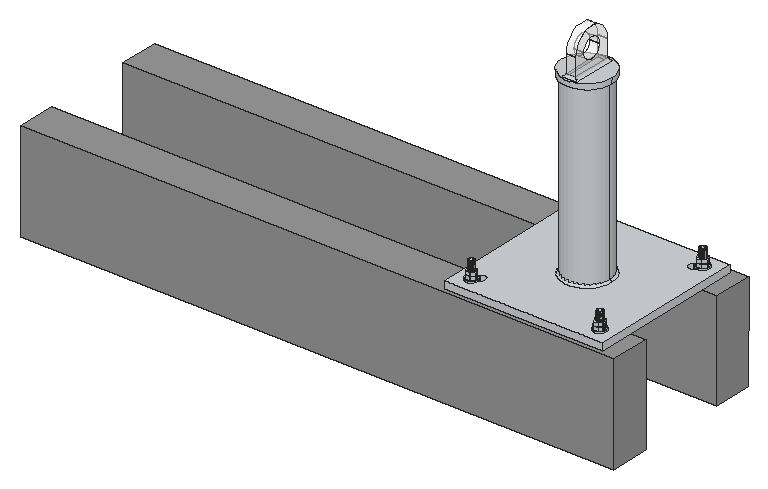
Revit family "Exterior-Building-Maintenance_Anchor-Through-Bolt_Lynn-Safety", category Generic Models, host Face, Revit 2026 (continued)
Forms (in)
  Revolve 21, solid
    sketch origin (12.9961089, -6.5, 0) x (1, 0, 0) y (0, 0, -1)
      loop
        line (-6.2480544, 2.980996) -> (-6.2119926, 3.0018162) -> (-6.2480544, 3.0226365) -> (-6.2480544, 2.980996)
      loop
        line (-6.2480544, 3.0564521) -> (-6.2119926, 3.0772723) -> (-6.2480544, 3.0980926) -> (-6.2480544, 3.0564521)
      loop
        line (-6.2480544, 3.132787) -> (-6.2119926, 3.1536073) -> (-6.2480544, 3.1744276) -> (-6.2480544, 3.132787)
      loop
        line (-6.2480544, 3.2130077) -> (-6.2119926, 3.233828) -> (-6.2480544, 3.2546483) -> (-6.2480544, 3.2130077)
      loop
        line (-6.2480544, 3.2868996) -> (-6.2119926, 3.3077199) -> (-6.2480544, 3.3285402) -> (-6.2480544, 3.2868996)
      loop
        line (-6.2480544, 3.3642169) -> (-6.2119926, 3.3850372) -> (-6.2480544, 3.4058574) -> (-6.2480544, 3.3642169)
      loop
        line (-6.2480544, 3.4420031) -> (-6.2119926, 3.4628234) -> (-6.2480544, 3.4836437) -> (-6.2480544, 3.4420031)
      loop
        line (-6.2480544, 3.5179447) -> (-6.2119926, 3.538765) -> (-6.2480544, 3.5595853) -> (-6.2480544, 3.5179447)
      loop
        line (-6.2480544, 3.5951398) -> (-6.2119926, 3.6159601) -> (-6.2480544, 3.6367804) -> (-6.2480544, 3.5951398)
      loop
        line (-6.2480544, 3.6705959) -> (-6.2119926, 3.6914162) -> (-6.2480544, 3.7122365) -> (-6.2480544, 3.6705959)
      loop
        line (-6.2480544, 3.7469308) -> (-6.2119926, 3.7677511) -> (-6.2480544, 3.7885714) -> (-6.2480544, 3.7469308)
      loop
        line (-6.2480544, 3.8271516) -> (-6.2119926, 3.8479719) -> (-6.2480544, 3.8687922) -> (-6.2480544, 3.8271516)
      loop
        line (-6.2480544, 3.9010435) -> (-6.2119926, 3.9218638) -> (-6.2480544, 3.9426841) -> (-6.2480544, 3.9010435)
      loop
        line (-6.2480544, 3.9783607) -> (-6.2119926, 3.999181) -> (-6.2480544, 4.0200013) -> (-6.2480544, 3.9783607)
      loop
        line (-6.2480544, 4.0561469) -> (-6.2119926, 4.0769672) -> (-6.2480544, 4.0977875) -> (-6.2480544, 4.0561469)
      loop
        line (-6.2480544, 4.1320886) -> (-6.2119926, 4.1529089) -> (-6.2480544, 4.1737292) -> (-6.2480544, 4.1320886)
      loop
        line (-6.2480544, 4.2092837) -> (-6.2119926, 4.230104) -> (-6.2480544, 4.2509243) -> (-6.2480544, 4.2092837)
      loop
        line (-6.2480544, 4.2847398) -> (-6.2119926, 4.3055601) -> (-6.2480544, 4.3263804) -> (-6.2480544, 4.2847398)
      loop
        line (-6.2480544, 4.3610747) -> (-6.2119926, 4.381895) -> (-6.2480544, 4.4027153) -> (-6.2480544, 4.3610747)
      loop
        line (-6.2480544, 4.4412955) -> (-6.2119926, 4.4621158) -> (-6.2480544, 4.482936) -> (-6.2480544, 4.4412955)
      loop
        line (-6.2480544, 4.5151873) -> (-6.2119926, 4.5360076) -> (-6.2480544, 4.5568279) -> (-6.2480544, 4.5151873)
      loop
        line (-6.2480544, 4.5925046) -> (-6.2119926, 4.6133249) -> (-6.2480544, 4.6341452) -> (-6.2480544, 4.5925046)
      loop
        line (-6.2480544, 4.6702908) -> (-6.2119926, 4.6911111) -> (-6.2480544, 4.7119314) -> (-6.2480544, 4.6702908)
      loop
        line (-6.2480544, 4.7462325) -> (-6.2119926, 4.7670528) -> (-6.2480544, 4.7878731) -> (-6.2480544, 4.7462325)
      loop
        line (-6.2480544, 4.8234275) -> (-6.2119926, 4.8442478) -> (-6.2480544, 4.8650681) -> (-6.2480544, 4.8234275)
      loop
        line (-6.2480544, 4.8988836) -> (-6.2119926, 4.9197039) -> (-6.2480544, 4.9405242) -> (-6.2480544, 4.8988836)
      loop
        line (-6.2480544, 4.9752185) -> (-6.2119926, 4.9960388) -> (-6.2480544, 5.0168591) -> (-6.2480544, 4.9752185)
      loop
        line (-6.2480544, 5.0554393) -> (-6.2119926, 5.0762596) -> (-6.2480544, 5.0970799) -> (-6.2480544, 5.0554393)
      loop
        line (-6.2480544, 5.1293312) -> (-6.2119926, 5.1501515) -> (-6.2480544, 5.1709718) -> (-6.2480544, 5.1293312)
      loop
        line (-6.2480544, 5.2066484) -> (-6.2119926, 5.2274687) -> (-6.2480544, 5.248289) -> (-6.2480544, 5.2066484)
      loop
        line (-6.2480544, 5.2844346) -> (-6.2119926, 5.3052549) -> (-6.2480544, 5.3260752) -> (-6.2480544, 5.2844346)
      loop
        line (-6.2480544, 5.3603763) -> (-6.2119926, 5.3811966) -> (-6.2480544, 5.4020169) -> (-6.2480544, 5.3603763)
      loop
        line (-6.2480544, 5.4375714) -> (-6.2119926, 5.4583917) -> (-6.2480544, 5.479212) -> (-6.2480544, 5.4375714)
      loop
        line (-6.2480544, 5.5130275) -> (-6.2119926, 5.5338478) -> (-6.2480544, 5.5546681) -> (-6.2480544, 5.5130275)
      loop
        line (-6.2480544, 5.5893624) -> (-6.2119926, 5.6101827) -> (-6.2480544, 5.631003) -> (-6.2480544, 5.5893624)
      loop
        line (-6.2480544, 5.6695832) -> (-6.2119926, 5.6904035) -> (-6.2480544, 5.7112238) -> (-6.2480544, 5.6695832)
      loop
        line (-6.2480544, 5.743475) -> (-6.2119926, 5.7642953) -> (-6.2480544, 5.7851156) -> (-6.2480544, 5.743475)
      loop
        line (-6.2480544, 5.8207923) -> (-6.2119926, 5.8416126) -> (-6.2480544, 5.8624329) -> (-6.2480544, 5.8207923)
      loop
        line (-6.2480544, 5.8985785) -> (-6.2119926, 5.9193988) -> (-6.2480544, 5.9402191) -> (-6.2480544, 5.8985785)
      loop
        line (-6.2480544, 5.9724704) -> (-6.2119926, 5.9932907) -> (-6.2480544, 6.014111) -> (-6.2480544, 5.9724704)
      loop
        line (-6.2480544, 6.0497876) -> (-6.2119926, 6.0706079) -> (-6.2480544, 6.0914282) -> (-6.2480544, 6.0497876)
      loop
        line (-6.2480544, 6.1275738) -> (-6.2119926, 6.1483941) -> (-6.2480544, 6.1692144) -> (-6.2480544, 6.1275738)
      loop
        line (-6.2480544, 6.2035155) -> (-6.2119926, 6.2243358) -> (-6.2480544, 6.2451561) -> (-6.2480544, 6.2035155)
      loop
        line (-6.2480544, 6.2807106) -> (-6.2119926, 6.3015309) -> (-6.2480544, 6.3223512) -> (-6.2480544, 6.2807106)
      loop
        line (-6.2480544, 6.3561667) -> (-6.2119926, 6.376987) -> (-6.2480544, 6.3978073) -> (-6.2480544, 6.3561667)
      loop
        line (-6.2480544, 6.4325016) -> (-6.2119926, 6.4533219) -> (-6.2480544, 6.4741422) -> (-6.2480544, 6.4325016)
      loop
        line (-6.2480544, 6.5127223) -> (-6.2119926, 6.5335426) -> (-6.2480544, 6.5543629) -> (-6.2480544, 6.5127223)
      loop
        line (-6.2480544, 6.5866142) -> (-6.2119926, 6.6074345) -> (-6.2480544, 6.6282548) -> (-6.2480544, 6.5866142)
      loop
        line (-6.2480544, 6.6639315) -> (-6.2119926, 6.6847518) -> (-6.2480544, 6.7055721) -> (-6.2480544, 6.6639315)
      loop
        line (-6.2480544, 6.7417177) -> (-6.2119926, 6.762538) -> (-6.2480544, 6.7833583) -> (-6.2480544, 6.7417177)
      loop
        line (-6.2480544, 6.8156095) -> (-6.2119926, 6.8364298) -> (-6.2480544, 6.8572501) -> (-6.2480544, 6.8156095)
      loop
        line (-6.2480544, 6.8929268) -> (-6.2119926, 6.9137471) -> (-6.2480544, 6.9345674) -> (-6.2480544, 6.8929268)
      loop
        line (-6.2480544, 6.970713) -> (-6.2119926, 6.9915333) -> (-6.2480544, 7.0123536) -> (-6.2480544, 6.970713)
      loop
        line (-6.2480544, 7.0466547) -> (-6.2119926, 7.067475) -> (-6.2480544, 7.0882953) -> (-6.2480544, 7.0466547)
      loop
        line (-6.2480544, 7.1238497) -> (-6.2119926, 7.14467) -> (-6.2480544, 7.1654903) -> (-6.2480544, 7.1238497)
      loop
        line (-6.2480544, 7.1993058) -> (-6.2119926, 7.2201261) -> (-6.2480544, 7.2409464) -> (-6.2480544, 7.1993058)
      loop
        line (-6.2480544, 7.2756407) -> (-6.2119926, 7.296461) -> (-6.2480544, 7.3172813) -> (-6.2480544, 7.2756407)
      loop
        line (-6.2480544, 7.3558615) -> (-6.2119926, 7.3766818) -> (-6.2480544, 7.3975021) -> (-6.2480544, 7.3558615)
      loop
        line (-6.2480544, 7.4297534) -> (-6.2119926, 7.4505737) -> (-6.2480544, 7.471394) -> (-6.2480544, 7.4297534)
      loop
        line (-6.2480544, 7.5070706) -> (-6.2119926, 7.5278909) -> (-6.2480544, 7.5487112) -> (-6.2480544, 7.5070706)
      loop
        line (-6.2480544, 7.5848568) -> (-6.2119926, 7.6056771) -> (-6.2480544, 7.6264974) -> (-6.2480544, 7.5848568)
      loop
        line (-6.2480544, 7.6587487) -> (-6.2119926, 7.679569) -> (-6.2480544, 7.7003893) -> (-6.2480544, 7.6587487)
      loop
        line (-6.2480544, 7.736066) -> (-6.2119926, 7.7568863) -> (-6.2480544, 7.7777065) -> (-6.2480544, 7.736066)
      loop
        line (-6.2480544, 7.8138522) -> (-6.2119926, 7.8346725) -> (-6.2480544, 7.8554928) -> (-6.2480544, 7.8138522)
      loop
        line (-6.2480544, 7.8897938) -> (-6.2119926, 7.9106141) -> (-6.2480544, 7.9314344) -> (-6.2480544, 7.8897938)
      loop
        line (-6.2480544, 7.9669889) -> (-6.2119926, 7.9878092) -> (-6.2480544, 8.0086295) -> (-6.2480544, 7.9669889)
      loop
        line (-6.2480544, 8.042445) -> (-6.2119926, 8.0632653) -> (-6.2480544, 8.0840856) -> (-6.2480544, 8.042445)
      loop
        line (-6.2480544, 8.1187799) -> (-6.2119926, 8.1396002) -> (-6.2480544, 8.1604205) -> (-6.2480544, 8.1187799)
      loop
        line (-6.2480544, 8.1990007) -> (-6.2119926, 8.219821) -> (-6.2480544, 8.2406413) -> (-6.2480544, 8.1990007)
      loop
        line (-6.2480544, 8.2728926) -> (-6.2119926, 8.2937129) -> (-6.2480544, 8.3145332) -> (-6.2480544, 8.2728926)
      loop
        line (-6.2480544, 8.3502098) -> (-6.2119926, 8.3710301) -> (-6.2480544, 8.3918504) -> (-6.2480544, 8.3502098)
      loop
        line (-6.2480544, 8.427996) -> (-6.2119926, 8.4488163) -> (-6.2480544, 8.4696366) -> (-6.2480544, 8.427996)
      loop
        line (-6.2480544, 8.5018879) -> (-6.2119926, 8.5227082) -> (-6.2480544, 8.5435285) -> (-6.2480544, 8.5018879)
      loop
        line (-6.2480544, 8.5792051) -> (-6.2119926, 8.6000254) -> (-6.2480544, 8.6208457) -> (-6.2480544, 8.5792051)
      loop
        line (-6.2480544, 8.6569913) -> (-6.2119926, 8.6778116) -> (-6.2480544, 8.6986319) -> (-6.2480544, 8.6569913)
      loop
        line (-6.2480544, 8.732933) -> (-6.2119926, 8.7537533) -> (-6.2480544, 8.7745736) -> (-6.2480544, 8.732933)
      loop
        line (-6.2480544, 8.8101281) -> (-6.2119926, 8.8309484) -> (-6.2480544, 8.8517687) -> (-6.2480544, 8.8101281)
      loop
        line (-6.2480544, 8.8855842) -> (-6.2119926, 8.9064045) -> (-6.2480544, 8.9272248) -> (-6.2480544, 8.8855842)
      loop
        line (-6.2480544, 8.9619191) -> (-6.2119926, 8.9827394) -> (-6.2480544, 9.0035597) -> (-6.2480544, 8.9619191)
      loop
        line (-6.2480544, 9.0421399) -> (-6.2119926, 9.0629602) -> (-6.2480544, 9.0837805) -> (-6.2480544, 9.0421399)
      loop
        line (-6.2480544, 9.1160317) -> (-6.2119926, 9.136852) -> (-6.2480544, 9.1576723) -> (-6.2480544, 9.1160317)
      loop
        line (-6.2480544, 9.193349) -> (-6.2119926, 9.2141693) -> (-6.2480544, 9.2349896) -> (-6.2480544, 9.193349)
      loop
        line (-6.2480544, 9.2711352) -> (-6.2119926, 9.2919555) -> (-6.2480544, 9.3127758) -> (-6.2480544, 9.2711352)
      loop
        line (-6.2480544, 9.3450271) -> (-6.2119926, 9.3658474) -> (-6.2480544, 9.3866677) -> (-6.2480544, 9.3450271)
      loop
        line (-6.2480544, 9.4223443) -> (-6.2119926, 9.4431646) -> (-6.2480544, 9.4639849) -> (-6.2480544, 9.4223443)
      loop
        line (-6.2480544, 9.5001305) -> (-6.2119926, 9.5209508) -> (-6.2480544, 9.5417711) -> (-6.2480544, 9.5001305)
      loop
        line (-6.2480544, 9.5760722) -> (-6.2119926, 9.5968925) -> (-6.2480544, 9.6177128) -> (-6.2480544, 9.5760722)
      loop
        line (-6.2480544, 9.6532673) -> (-6.2119926, 9.6740876) -> (-6.2480544, 9.6949079) -> (-6.2480544, 9.6532673)
      loop
        line (-6.2480544, 9.7287234) -> (-6.2119926, 9.7495437) -> (-6.2480544, 9.770364) -> (-6.2480544, 9.7287234)
      loop
        line (-6.2480544, 9.8050583) -> (-6.2119926, 9.8258786) -> (-6.2480544, 9.8466989) -> (-6.2480544, 9.8050583)
      loop
        line (-6.2480544, 9.885279) -> (-6.2119926, 9.9060993) -> (-6.2480544, 9.9269196) -> (-6.2480544, 9.885279)
      loop
        line (-6.2480544, 9.9591709) -> (-6.2119926, 9.9799912) -> (-6.2480544, 10.0008115) -> (-6.2480544, 9.9591709)
      loop
        line (-6.2480544, 10.0364882) -> (-6.2119926, 10.0573085) -> (-6.2480544, 10.0781288) -> (-6.2480544, 10.0364882)
      loop
        line (-6.2480544, 10.1142744) -> (-6.2119926, 10.1350947) -> (-6.2480544, 10.155915) -> (-6.2480544, 10.1142744)
      loop
        line (-6.2480544, 10.1881662) -> (-6.2119926, 10.2089865) -> (-6.2480544, 10.2298068) -> (-6.2480544, 10.1881662)
      loop
        line (-6.2480544, 10.2654835) -> (-6.2119926, 10.2863038) -> (-6.2480544, 10.3071241) -> (-6.2480544, 10.2654835)
      axis (-6.4980544, -2.4762495) -> (-6.4980544, 10.3071241)
    angle from 0 to 360
  Revolve 22, solid
    sketch origin (12.9961089, 6.5, 0) x (1, 0, 0) y (0, 0, -1)
      loop
        line (-6.2480544, -2.4762495) -> (-6.2119926, -2.4554292) -> (-6.2480544, -2.4346089) -> (-6.2480544, -2.4762495)
      loop
        line (-6.2480544, -2.3988575) -> (-6.2119926, -2.3780372) -> (-6.2480544, -2.3572169) -> (-6.2480544, -2.3988575)
      loop
        line (-6.2480544, -2.3220831) -> (-6.2119926, -2.3012628) -> (-6.2480544, -2.2804425) -> (-6.2480544, -2.3220831)
      loop
        line (-6.2480544, -2.2447999) -> (-6.2119926, -2.2239796) -> (-6.2480544, -2.2031593) -> (-6.2480544, -2.2447999)
      loop
        line (-6.2480544, -2.1673979) -> (-6.2119926, -2.1465776) -> (-6.2480544, -2.1257573) -> (-6.2480544, -2.1673979)
      loop
        line (-6.2480544, -2.091749) -> (-6.2119926, -2.0709287) -> (-6.2480544, -2.0501084) -> (-6.2480544, -2.091749)
      loop
        line (-6.2480544, -2.0132437) -> (-6.2119926, -1.9924234) -> (-6.2480544, -1.9716031) -> (-6.2480544, -2.0132437)
      loop
        line (-6.2480544, -1.9366959) -> (-6.2119926, -1.9158756) -> (-6.2480544, -1.8950553) -> (-6.2480544, -1.9366959)
      loop
        line (-6.2480544, -1.8600281) -> (-6.2119926, -1.8392078) -> (-6.2480544, -1.8183875) -> (-6.2480544, -1.8600281)
      loop
        line (-6.2480544, -1.7842915) -> (-6.2119926, -1.7634712) -> (-6.2480544, -1.742651) -> (-6.2480544, -1.7842915)
      loop
        line (-6.2480544, -1.7068519) -> (-6.2119926, -1.6860316) -> (-6.2480544, -1.6652113) -> (-6.2480544, -1.7068519)
      loop
        line (-6.2480544, -1.6297099) -> (-6.2119926, -1.6088896) -> (-6.2480544, -1.5880693) -> (-6.2480544, -1.6297099)
      loop
        line (-6.2480544, -0.0142672) -> (-6.2119926, 0.0065531) -> (-6.2480544, 0.0273734) -> (-6.2480544, -0.0142672)
      loop
        line (-6.2480544, 0.0620677) -> (-6.2119926, 0.082888) -> (-6.2480544, 0.1037083) -> (-6.2480544, 0.0620677)
      loop
        line (-6.2480544, 0.1422884) -> (-6.2119926, 0.1631087) -> (-6.2480544, 0.183929) -> (-6.2480544, 0.1422884)
      loop
        line (-6.2480544, 0.2161803) -> (-6.2119926, 0.2370006) -> (-6.2480544, 0.2578209) -> (-6.2480544, 0.2161803)
      loop
        line (-6.2480544, 0.2934976) -> (-6.2119926, 0.3143179) -> (-6.2480544, 0.3351382) -> (-6.2480544, 0.2934976)
      loop
        line (-6.2480544, 0.3712838) -> (-6.2119926, 0.3921041) -> (-6.2480544, 0.4129244) -> (-6.2480544, 0.3712838)
      loop
        line (-6.2480544, 0.4472255) -> (-6.2119926, 0.4680458) -> (-6.2480544, 0.4888661) -> (-6.2480544, 0.4472255)
      loop
        line (-6.2480544, 0.5244205) -> (-6.2119926, 0.5452408) -> (-6.2480544, 0.5660611) -> (-6.2480544, 0.5244205)
      loop
        line (-6.2480544, 0.5998766) -> (-6.2119926, 0.6206969) -> (-6.2480544, 0.6415172) -> (-6.2480544, 0.5998766)
      loop
        line (-6.2480544, 0.6762115) -> (-6.2119926, 0.6970318) -> (-6.2480544, 0.7178521) -> (-6.2480544, 0.6762115)
      loop
        line (-6.2480544, 0.7564323) -> (-6.2119926, 0.7772526) -> (-6.2480544, 0.7980729) -> (-6.2480544, 0.7564323)
      loop
        line (-6.2480544, 0.8303242) -> (-6.2119926, 0.8511445) -> (-6.2480544, 0.8719648) -> (-6.2480544, 0.8303242)
      loop
        line (-6.2480544, 0.9076414) -> (-6.2119926, 0.9284617) -> (-6.2480544, 0.949282) -> (-6.2480544, 0.9076414)
      loop
        line (-6.2480544, 0.9854276) -> (-6.2119926, 1.0062479) -> (-6.2480544, 1.0270682) -> (-6.2480544, 0.9854276)
      loop
        line (-6.2480544, 1.0613693) -> (-6.2119926, 1.0821896) -> (-6.2480544, 1.1030099) -> (-6.2480544, 1.0613693)
      loop
        line (-6.2480544, 1.1385644) -> (-6.2119926, 1.1593847) -> (-6.2480544, 1.180205) -> (-6.2480544, 1.1385644)
      loop
        line (-6.2480544, 1.2140205) -> (-6.2119926, 1.2348408) -> (-6.2480544, 1.2556611) -> (-6.2480544, 1.2140205)
      loop
        line (-6.2480544, 1.2903554) -> (-6.2119926, 1.3111757) -> (-6.2480544, 1.331996) -> (-6.2480544, 1.2903554)
      loop
        line (-6.2480544, 1.3705762) -> (-6.2119926, 1.3913965) -> (-6.2480544, 1.4122168) -> (-6.2480544, 1.3705762)
      loop
        line (-6.2480544, 1.444468) -> (-6.2119926, 1.4652883) -> (-6.2480544, 1.4861086) -> (-6.2480544, 1.444468)
      loop
        line (-6.2480544, 1.5217853) -> (-6.2119926, 1.5426056) -> (-6.2480544, 1.5634259) -> (-6.2480544, 1.5217853)
      loop
        line (-6.2480544, 1.5995715) -> (-6.2119926, 1.6203918) -> (-6.2480544, 1.6412121) -> (-6.2480544, 1.5995715)
      loop
        line (-6.2480544, 1.6755132) -> (-6.2119926, 1.6963335) -> (-6.2480544, 1.7171538) -> (-6.2480544, 1.6755132)
      loop
        line (-6.2480544, 1.7527082) -> (-6.2119926, 1.7735285) -> (-6.2480544, 1.7943488) -> (-6.2480544, 1.7527082)
      loop
        line (-6.2480544, 1.8281643) -> (-6.2119926, 1.8489846) -> (-6.2480544, 1.8698049) -> (-6.2480544, 1.8281643)
      loop
        line (-6.2480544, 1.9044992) -> (-6.2119926, 1.9253195) -> (-6.2480544, 1.9461398) -> (-6.2480544, 1.9044992)
      loop
        line (-6.2480544, 1.98472) -> (-6.2119926, 2.0055403) -> (-6.2480544, 2.0263606) -> (-6.2480544, 1.98472)
      loop
        line (-6.2480544, 2.0586119) -> (-6.2119926, 2.0794322) -> (-6.2480544, 2.1002525) -> (-6.2480544, 2.0586119)
      loop
        line (-6.2480544, 2.1359291) -> (-6.2119926, 2.1567494) -> (-6.2480544, 2.1775697) -> (-6.2480544, 2.1359291)
      loop
        line (-6.2480544, 2.2137153) -> (-6.2119926, 2.2345356) -> (-6.2480544, 2.2553559) -> (-6.2480544, 2.2137153)
      loop
        line (-6.2480544, 2.289657) -> (-6.2119926, 2.3104773) -> (-6.2480544, 2.3312976) -> (-6.2480544, 2.289657)
      loop
        line (-6.2480544, 2.3668521) -> (-6.2119926, 2.3876724) -> (-6.2480544, 2.4084927) -> (-6.2480544, 2.3668521)
      loop
        line (-6.2480544, 2.4423082) -> (-6.2119926, 2.4631285) -> (-6.2480544, 2.4839488) -> (-6.2480544, 2.4423082)
      loop
        line (-6.2480544, 2.5186431) -> (-6.2119926, 2.5394634) -> (-6.2480544, 2.5602837) -> (-6.2480544, 2.5186431)
      loop
        line (-6.2480544, 2.5988639) -> (-6.2119926, 2.6196842) -> (-6.2480544, 2.6405045) -> (-6.2480544, 2.5988639)
      loop
        line (-6.2480544, 2.6727558) -> (-6.2119926, 2.6935761) -> (-6.2480544, 2.7143964) -> (-6.2480544, 2.6727558)
      loop
        line (-6.2480544, 2.750073) -> (-6.2119926, 2.7708933) -> (-6.2480544, 2.7917136) -> (-6.2480544, 2.750073)
      loop
        line (-6.2480544, 2.8278592) -> (-6.2119926, 2.8486795) -> (-6.2480544, 2.8694998) -> (-6.2480544, 2.8278592)
      loop
        line (-6.2480544, 2.9038009) -> (-6.2119926, 2.9246212) -> (-6.2480544, 2.9454415) -> (-6.2480544, 2.9038009)
      loop
        line (-6.2480544, 2.980996) -> (-6.2119926, 3.0018162) -> (-6.2480544, 3.0226365) -> (-6.2480544, 2.980996)
      loop
        line (-6.2480544, 3.0564521) -> (-6.2119926, 3.0772723) -> (-6.2480544, 3.0980926) -> (-6.2480544, 3.0564521)
      loop
        line (-6.2480544, 3.132787) -> (-6.2119926, 3.1536073) -> (-6.2480544, 3.1744276) -> (-6.2480544, 3.132787)
      loop
        line (-6.2480544, 3.2130077) -> (-6.2119926, 3.233828) -> (-6.2480544, 3.2546483) -> (-6.2480544, 3.2130077)
      loop
        line (-6.2480544, 3.2868996) -> (-6.2119926, 3.3077199) -> (-6.2480544, 3.3285402) -> (-6.2480544, 3.2868996)
      loop
        line (-6.2480544, 3.3642169) -> (-6.2119926, 3.3850372) -> (-6.2480544, 3.4058574) -> (-6.2480544, 3.3642169)
      loop
        line (-6.2480544, 3.4420031) -> (-6.2119926, 3.4628234) -> (-6.2480544, 3.4836437) -> (-6.2480544, 3.4420031)
      loop
        line (-6.2480544, 3.5179447) -> (-6.2119926, 3.538765) -> (-6.2480544, 3.5595853) -> (-6.2480544, 3.5179447)
      loop
        line (-6.2480544, 3.5951398) -> (-6.2119926, 3.6159601) -> (-6.2480544, 3.6367804) -> (-6.2480544, 3.5951398)
      loop
        line (-6.2480544, 3.6705959) -> (-6.2119926, 3.6914162) -> (-6.2480544, 3.7122365) -> (-6.2480544, 3.6705959)
      loop
        line (-6.2480544, 3.7469308) -> (-6.2119926, 3.7677511) -> (-6.2480544, 3.7885714) -> (-6.2480544, 3.7469308)
      loop
        line (-6.2480544, 3.8271516) -> (-6.2119926, 3.8479719) -> (-6.2480544, 3.8687922) -> (-6.2480544, 3.8271516)
      loop
        line (-6.2480544, 3.9010435) -> (-6.2119926, 3.9218638) -> (-6.2480544, 3.9426841) -> (-6.2480544, 3.9010435)
      loop
        line (-6.2480544, 3.9783607) -> (-6.2119926, 3.999181) -> (-6.2480544, 4.0200013) -> (-6.2480544, 3.9783607)
      loop
        line (-6.2480544, 4.0561469) -> (-6.2119926, 4.0769672) -> (-6.2480544, 4.0977875) -> (-6.2480544, 4.0561469)
      loop
        line (-6.2480544, 4.1320886) -> (-6.2119926, 4.1529089) -> (-6.2480544, 4.1737292) -> (-6.2480544, 4.1320886)
      loop
        line (-6.2480544, 4.2092837) -> (-6.2119926, 4.230104) -> (-6.2480544, 4.2509243) -> (-6.2480544, 4.2092837)
      loop
        line (-6.2480544, 4.2847398) -> (-6.2119926, 4.3055601) -> (-6.2480544, 4.3263804) -> (-6.2480544, 4.2847398)
      loop
        line (-6.2480544, 4.3610747) -> (-6.2119926, 4.381895) -> (-6.2480544, 4.4027153) -> (-6.2480544, 4.3610747)
      loop
        line (-6.2480544, 4.4412955) -> (-6.2119926, 4.4621158) -> (-6.2480544, 4.482936) -> (-6.2480544, 4.4412955)
      loop
        line (-6.2480544, 4.5151873) -> (-6.2119926, 4.5360076) -> (-6.2480544, 4.5568279) -> (-6.2480544, 4.5151873)
      loop
        line (-6.2480544, 4.5925046) -> (-6.2119926, 4.6133249) -> (-6.2480544, 4.6341452) -> (-6.2480544, 4.5925046)
      loop
        line (-6.2480544, 4.6702908) -> (-6.2119926, 4.6911111) -> (-6.2480544, 4.7119314) -> (-6.2480544, 4.6702908)
      loop
        line (-6.2480544, 4.7462325) -> (-6.2119926, 4.7670528) -> (-6.2480544, 4.7878731) -> (-6.2480544, 4.7462325)
      loop
        line (-6.2480544, 4.8234275) -> (-6.2119926, 4.8442478) -> (-6.2480544, 4.8650681) -> (-6.2480544, 4.8234275)
      loop
        line (-6.2480544, 4.8988836) -> (-6.2119926, 4.9197039) -> (-6.2480544, 4.9405242) -> (-6.2480544, 4.8988836)
      loop
        line (-6.2480544, 4.9752185) -> (-6.2119926, 4.9960388) -> (-6.2480544, 5.0168591) -> (-6.2480544, 4.9752185)
      loop
        line (-6.2480544, 5.0554393) -> (-6.2119926, 5.0762596) -> (-6.2480544, 5.0970799) -> (-6.2480544, 5.0554393)
      loop
        line (-6.2480544, 5.1293312) -> (-6.2119926, 5.1501515) -> (-6.2480544, 5.1709718) -> (-6.2480544, 5.1293312)
      loop
        line (-6.2480544, 5.2066484) -> (-6.2119926, 5.2274687) -> (-6.2480544, 5.248289) -> (-6.2480544, 5.2066484)
      loop
        line (-6.2480544, 5.2844346) -> (-6.2119926, 5.3052549) -> (-6.2480544, 5.3260752) -> (-6.2480544, 5.2844346)
      loop
        line (-6.2480544, 5.3603763) -> (-6.2119926, 5.3811966) -> (-6.2480544, 5.4020169) -> (-6.2480544, 5.3603763)
      loop
        line (-6.2480544, 5.4375714) -> (-6.2119926, 5.4583917) -> (-6.2480544, 5.479212) -> (-6.2480544, 5.4375714)
      loop
        line (-6.2480544, 5.5130275) -> (-6.2119926, 5.5338478) -> (-6.2480544, 5.5546681) -> (-6.2480544, 5.5130275)
      loop
        line (-6.2480544, 5.5893624) -> (-6.2119926, 5.6101827) -> (-6.2480544, 5.631003) -> (-6.2480544, 5.5893624)
      loop
        line (-6.2480544, 5.6695832) -> (-6.2119926, 5.6904035) -> (-6.2480544, 5.7112238) -> (-6.2480544, 5.6695832)
      loop
        line (-6.2480544, 5.743475) -> (-6.2119926, 5.7642953) -> (-6.2480544, 5.7851156) -> (-6.2480544, 5.743475)
      loop
        line (-6.2480544, 5.8207923) -> (-6.2119926, 5.8416126) -> (-6.2480544, 5.8624329) -> (-6.2480544, 5.8207923)
      loop
        line (-6.2480544, 5.8985785) -> (-6.2119926, 5.9193988) -> (-6.2480544, 5.9402191) -> (-6.2480544, 5.8985785)
      loop
        line (-6.2480544, 5.9724704) -> (-6.2119926, 5.9932907) -> (-6.2480544, 6.014111) -> (-6.2480544, 5.9724704)
      loop
        line (-6.2480544, 6.0497876) -> (-6.2119926, 6.0706079) -> (-6.2480544, 6.0914282) -> (-6.2480544, 6.0497876)
      loop
        line (-6.2480544, 6.1275738) -> (-6.2119926, 6.1483941) -> (-6.2480544, 6.1692144) -> (-6.2480544, 6.1275738)
      loop
        line (-6.2480544, 6.2035155) -> (-6.2119926, 6.2243358) -> (-6.2480544, 6.2451561) -> (-6.2480544, 6.2035155)
      loop
        line (-6.2480544, 6.2807106) -> (-6.2119926, 6.3015309) -> (-6.2480544, 6.3223512) -> (-6.2480544, 6.2807106)
      loop
        line (-6.2480544, 6.3561667) -> (-6.2119926, 6.376987) -> (-6.2480544, 6.3978073) -> (-6.2480544, 6.3561667)
      loop
        line (-6.2480544, 6.4325016) -> (-6.2119926, 6.4533219) -> (-6.2480544, 6.4741422) -> (-6.2480544, 6.4325016)
      loop
        line (-6.2480544, 6.5127223) -> (-6.2119926, 6.5335426) -> (-6.2480544, 6.5543629) -> (-6.2480544, 6.5127223)
      loop
        line (-6.2480544, 6.5866142) -> (-6.2119926, 6.6074345) -> (-6.2480544, 6.6282548) -> (-6.2480544, 6.5866142)
      loop
        line (-6.2480544, 6.6639315) -> (-6.2119926, 6.6847518) -> (-6.2480544, 6.7055721) -> (-6.2480544, 6.6639315)
      loop
        line (-6.2480544, 6.7417177) -> (-6.2119926, 6.762538) -> (-6.2480544, 6.7833583) -> (-6.2480544, 6.7417177)
      loop
        line (-6.2480544, 6.8156095) -> (-6.2119926, 6.8364298) -> (-6.2480544, 6.8572501) -> (-6.2480544, 6.8156095)
      loop
        line (-6.2480544, 6.8929268) -> (-6.2119926, 6.9137471) -> (-6.2480544, 6.9345674) -> (-6.2480544, 6.8929268)
      loop
        line (-6.2480544, 6.970713) -> (-6.2119926, 6.9915333) -> (-6.2480544, 7.0123536) -> (-6.2480544, 6.970713)
      loop
        line (-6.2480544, 7.0466547) -> (-6.2119926, 7.067475) -> (-6.2480544, 7.0882953) -> (-6.2480544, 7.0466547)
      loop
        line (-6.2480544, 7.1238497) -> (-6.2119926, 7.14467) -> (-6.2480544, 7.1654903) -> (-6.2480544, 7.1238497)
      loop
        line (-6.2480544, 7.1993058) -> (-6.2119926, 7.2201261) -> (-6.2480544, 7.2409464) -> (-6.2480544, 7.1993058)
      loop
        line (-6.2480544, 7.2756407) -> (-6.2119926, 7.296461) -> (-6.2480544, 7.3172813) -> (-6.2480544, 7.2756407)
      loop
        line (-6.2480544, 7.3558615) -> (-6.2119926, 7.3766818) -> (-6.2480544, 7.3975021) -> (-6.2480544, 7.3558615)
      loop
        line (-6.2480544, 7.4297534) -> (-6.2119926, 7.4505737) -> (-6.2480544, 7.471394) -> (-6.2480544, 7.4297534)
      loop
        line (-6.2480544, 7.5070706) -> (-6.2119926, 7.5278909) -> (-6.2480544, 7.5487112) -> (-6.2480544, 7.5070706)
      loop
        line (-6.2480544, 7.5848568) -> (-6.2119926, 7.6056771) -> (-6.2480544, 7.6264974) -> (-6.2480544, 7.5848568)
      loop
        line (-6.2480544, 7.6587487) -> (-6.2119926, 7.679569) -> (-6.2480544, 7.7003893) -> (-6.2480544, 7.6587487)
      loop
        line (-6.2480544, 7.736066) -> (-6.2119926, 7.7568863) -> (-6.2480544, 7.7777065) -> (-6.2480544, 7.736066)
      loop
        line (-6.2480544, 7.8138522) -> (-6.2119926, 7.8346725) -> (-6.2480544, 7.8554928) -> (-6.2480544, 7.8138522)
      loop
        line (-6.2480544, 7.8897938) -> (-6.2119926, 7.9106141) -> (-6.2480544, 7.9314344) -> (-6.2480544, 7.8897938)
      loop
        line (-6.2480544, 7.9669889) -> (-6.2119926, 7.9878092) -> (-6.2480544, 8.0086295) -> (-6.2480544, 7.9669889)
      loop
        line (-6.2480544, 8.042445) -> (-6.2119926, 8.0632653) -> (-6.2480544, 8.0840856) -> (-6.2480544, 8.042445)
      loop
        line (-6.2480544, 8.1187799) -> (-6.2119926, 8.1396002) -> (-6.2480544, 8.1604205) -> (-6.2480544, 8.1187799)
      loop
        line (-6.2480544, 8.1990007) -> (-6.2119926, 8.219821) -> (-6.2480544, 8.2406413) -> (-6.2480544, 8.1990007)
      loop
        line (-6.2480544, 8.2728926) -> (-6.2119926, 8.2937129) -> (-6.2480544, 8.3145332) -> (-6.2480544, 8.2728926)
      loop
        line (-6.2480544, 8.3502098) -> (-6.2119926, 8.3710301) -> (-6.2480544, 8.3918504) -> (-6.2480544, 8.3502098)
      loop
        line (-6.2480544, 8.427996) -> (-6.2119926, 8.4488163) -> (-6.2480544, 8.4696366) -> (-6.2480544, 8.427996)
      loop
        line (-6.2480544, 8.5018879) -> (-6.2119926, 8.5227082) -> (-6.2480544, 8.5435285) -> (-6.2480544, 8.5018879)
      loop
        line (-6.2480544, 8.5792051) -> (-6.2119926, 8.6000254) -> (-6.2480544, 8.6208457) -> (-6.2480544, 8.5792051)
      loop
        line (-6.2480544, 8.6569913) -> (-6.2119926, 8.6778116) -> (-6.2480544, 8.6986319) -> (-6.2480544, 8.6569913)
      loop
        line (-6.2480544, 8.732933) -> (-6.2119926, 8.7537533) -> (-6.2480544, 8.7745736) -> (-6.2480544, 8.732933)
      loop
        line (-6.2480544, 8.8101281) -> (-6.2119926, 8.8309484) -> (-6.2480544, 8.8517687) -> (-6.2480544, 8.8101281)
      loop
        line (-6.2480544, 8.8855842) -> (-6.2119926, 8.9064045) -> (-6.2480544, 8.9272248) -> (-6.2480544, 8.8855842)
      loop
        line (-6.2480544, 8.9619191) -> (-6.2119926, 8.9827394) -> (-6.2480544, 9.0035597) -> (-6.2480544, 8.9619191)
      loop
        line (-6.2480544, 9.0421399) -> (-6.2119926, 9.0629602) -> (-6.2480544, 9.0837805) -> (-6.2480544, 9.0421399)
      loop
        line (-6.2480544, 9.1160317) -> (-6.2119926, 9.136852) -> (-6.2480544, 9.1576723) -> (-6.2480544, 9.1160317)
      loop
        line (-6.2480544, 9.193349) -> (-6.2119926, 9.2141693) -> (-6.2480544, 9.2349896) -> (-6.2480544, 9.193349)
      loop
        line (-6.2480544, 9.2711352) -> (-6.2119926, 9.2919555) -> (-6.2480544, 9.3127758) -> (-6.2480544, 9.2711352)
      loop
        line (-6.2480544, 9.3450271) -> (-6.2119926, 9.3658474) -> (-6.2480544, 9.3866677) -> (-6.2480544, 9.3450271)
      loop
        line (-6.2480544, 9.4223443) -> (-6.2119926, 9.4431646) -> (-6.2480544, 9.4639849) -> (-6.2480544, 9.4223443)
      loop
        line (-6.2480544, 9.5001305) -> (-6.2119926, 9.5209508) -> (-6.2480544, 9.5417711) -> (-6.2480544, 9.5001305)
      loop
        line (-6.2480544, 9.5760722) -> (-6.2119926, 9.5968925) -> (-6.2480544, 9.6177128) -> (-6.2480544, 9.5760722)
      loop
        line (-6.2480544, 9.6532673) -> (-6.2119926, 9.6740876) -> (-6.2480544, 9.6949079) -> (-6.2480544, 9.6532673)
      loop
        line (-6.2480544, 9.7287234) -> (-6.2119926, 9.7495437) -> (-6.2480544, 9.770364) -> (-6.2480544, 9.7287234)
      loop
        line (-6.2480544, 9.8050583) -> (-6.2119926, 9.8258786) -> (-6.2480544, 9.8466989) -> (-6.2480544, 9.8050583)
      loop
        line (-6.2480544, 9.885279) -> (-6.2119926, 9.9060993) -> (-6.2480544, 9.9269196) -> (-6.2480544, 9.885279)
      loop
        line (-6.2480544, 9.9591709) -> (-6.2119926, 9.9799912) -> (-6.2480544, 10.0008115) -> (-6.2480544, 9.9591709)
      loop
        line (-6.2480544, 10.0364882) -> (-6.2119926, 10.0573085) -> (-6.2480544, 10.0781288) -> (-6.2480544, 10.0364882)
      loop
        line (-6.2480544, 10.1142744) -> (-6.2119926, 10.1350947) -> (-6.2480544, 10.155915) -> (-6.2480544, 10.1142744)
      loop
        line (-6.2480544, 10.1881662) -> (-6.2119926, 10.2089865) -> (-6.2480544, 10.2298068) -> (-6.2480544, 10.1881662)
      loop
        line (-6.2480544, 10.2654835) -> (-6.2119926, 10.2863038) -> (-6.2480544, 10.3071241) -> (-6.2480544, 10.2654835)
      axis (-6.4980544, -2.4762495) -> (-6.4980544, 10.3071241)
    angle from 0 to 360
Cuts and joins
  Extrusion 18 cuts Extrusion 2
  Extrusion 18 cuts Extrusion 3
  Extrusion 18 cuts Extrusion 5
  Extrusion 18 cuts Extrusion 6
  Extrusion 18 cuts Extrusion 7
  Extrusion 18 cuts Extrusion 9
  Extrusion 18 cuts Extrusion 10
  Extrusion 18 cuts Extrusion 11
  Extrusion 18 cuts Extrusion 12
  Extrusion 18 cuts Extrusion 13
  Extrusion 18 cuts Extrusion 14
  Extrusion 18 cuts Extrusion 15
Lines and regions (in)
  sketch lines
    curve 1: line (0.5, -2, 19.25) -> (0.5, 2, 19.25)
    curve 2: line (0.5, 2, 19.25) -> (-0.5, 2, 19.25)
    curve 3: line (-0.5, 2, 19.25) -> (-0.5, -2, 19.25)
    curve 4: line (0.5, -2, 19.25) -> (-0.5, -2, 19.25)
Dimensions and locks (in)
  plane 3 "Center (Left/Right)" to plane 4 = 1' - 3"
  aligned and locked: plane 2 to host face
  aligned and locked: level to host face
